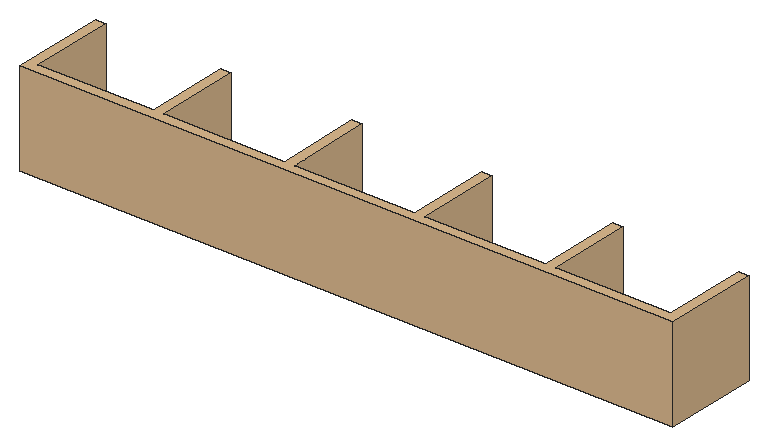
Revit family
Parameters (values of type "1180 x 170 x 170mm")
  URL = ""
  Type Comments = ""
  Model = ""
  Material = Wood - Birch
  Manufacturer = "Revit"
  Keynote = "N"
  Description = "Shelf"
  Cost = 0
  Assembly Code = "E2020200"
Reference planes
  plane 1 "Wall": y = 0
  plane 2 "Center (Left/Right)": x = -19.78
  plane 3 "Back": y = 75
  plane 4: x = -609.78
  plane 5: x = 570.22
  plane 6: y = 245
  plane 7: z = 1700
  plane 8: z = 1870
  plane 9: x = 334.22
  plane 10: x = 98.22
  plane 11: x = -137.78
  plane 12: x = -373.78
  plane 13: y = 93
Forms (mm)
  Extrusion 1, solid, material "Wood - Birch" <- "Material"
    sketch origin (0, 0, 0) x (1, 0, 0) y (0, 0, 1)
      loop
        line (570.22, 1700) -> (570.22, 1718) -> (-609.78, 1718) -> (-609.78, 1700) -> (570.22, 1700)
    from -245 to -93
  Extrusion 2, solid, material "Wood - Birch" <- "Material"
    sketch origin (0, 0, 0) x (1, 0, 0) y (0, 0, 1)
      loop
        line (570.22, 1870) -> (552.22, 1870) -> (552.22, 1718) -> (570.22, 1718) -> (570.22, 1870)
      loop
        line (343.22, 1870) -> (325.22, 1870) -> (325.22, 1718) -> (343.22, 1718) -> (343.22, 1870)
      loop
        line (107.22, 1870) -> (89.22, 1870) -> (89.22, 1718) -> (107.22, 1718) -> (107.22, 1870)
      loop
        line (-128.78, 1870) -> (-146.78, 1870) -> (-146.78, 1718) -> (-128.78, 1718) -> (-128.78, 1870)
      loop
        line (-364.78, 1870) -> (-382.78, 1870) -> (-382.78, 1718) -> (-364.78, 1718) -> (-364.78, 1870)
      loop
        line (-609.78, 1870) -> (-609.78, 1718) -> (-591.78, 1718) -> (-591.78, 1870) -> (-609.78, 1870)
    from -245 to -93
  Extrusion 3, solid, material "Wood - Birch" <- "Material"
    sketch origin (0, 0, 0) x (1, 0, 0) y (0, 0, 1)
      loop
        line (570.22, 1870) -> (-609.78, 1870) -> (-609.78, 1700) -> (570.22, 1700) -> (570.22, 1870)
    from -93 to -75
Cuts and joins
  joined: Extrusion 1, Extrusion 2, Extrusion 3
Lines and regions (mm)
  Masking region 1
    outline origin (0, 0, 0) x (1, 0, 0) y (0, 1, 0)
      loop
        line (-609.78, 245) -> (-609.78, 75) -> (570.22, 75) -> (570.22, 245) -> (-609.78, 245)
  symbolic lines
    curve 1: line (570.22, 245, 0) -> (-609.78, 245, 0)
    curve 2: line (-609.78, 245, 0) -> (-609.78, 75, 0)
    curve 3: line (-591.78, 93, 0) -> (-591.78, 245, 0)
    curve 4: line (552.22, 93, 0) -> (-591.78, 93, 0)
    curve 5: line (-382.78, 245, 0) -> (-382.78, 93, 0)
    curve 6: line (-364.78, 93, 0) -> (-364.78, 245, 0)
    curve 7: line (-146.78, 245, 0) -> (-146.78, 93, 0)
    curve 8: line (-128.78, 93, 0) -> (-128.78, 245, 0)
    curve 9: line (89.22, 245, 0) -> (89.22, 93, 0)
    curve 10: line (107.22, 93, 0) -> (107.22, 245, 0)
    curve 11: line (325.22, 245, 0) -> (325.22, 93, 0)
    curve 12: line (343.22, 93, 0) -> (343.22, 245, 0)
    curve 13: line (552.22, 245, 0) -> (552.22, 93, 0)
    curve 14: line (570.22, 75, 0) -> (570.22, 245, 0)
Text (mm)
  text "Placement side" at (-1848.837, 1116.779, 0), in view "Ref. Level"
  text "Placement side" at (0, 1409.804, 2854.306), in view "Left"
  text "Placement side" at (0, 499.811, 2980.732), in view "Right"
Dimensions and locks
  locked: plane 3 "Back" to host wall
  equal spacing: plane 4, plane 2 "Center (Left/Right)", plane 5
  locked: plane 4 to plane 5 at 1180
  locked: plane 3 "Back" to plane 6 at 170
  equal spacing: plane 4, plane 12, plane 11, plane 10, plane 9, plane 5
  locked: plane 3 "Back" to plane 13 at 18
  aligned and locked: Extrusion 1 sketch curve to plane 7
  aligned and locked: Extrusion 1 sketch curve to plane 4
  aligned and locked: Extrusion 1 to plane 6
  aligned and locked: plane 13 to Extrusion 1
  aligned and locked: Extrusion 2 sketch curve to plane 8
  aligned and locked: Extrusion 2 sketch curve to Extrusion 1
  aligned and locked: Extrusion 2 to plane 6
  aligned and locked: Extrusion 2 to Extrusion 1
  aligned and locked: Extrusion 3 sketch curve to Extrusion 2  (x2)
  aligned and locked: Extrusion 1 to Extrusion 3 sketch curve
  aligned and locked: Extrusion 3 sketch curve to Extrusion 1
  aligned and locked: Extrusion 3 to plane 13
  aligned and locked: plane 3 "Back" to Extrusion 3
  aligned and locked: Extrusion 2 to plane 8
  aligned and locked: curve 1 to cut or joined group of Extrusion 1, Extrusion 2, Extrusion 3
  aligned and locked: curve 2 to cut or joined group of Extrusion 1, Extrusion 2, Extrusion 3
  aligned and locked: curve 3 to cut or joined group of Extrusion 1, Extrusion 2, Extrusion 3
  aligned and locked: curve 4 to cut or joined group of Extrusion 1, Extrusion 2, Extrusion 3
  aligned and locked: curve 5 to cut or joined group of Extrusion 1, Extrusion 2, Extrusion 3
  aligned and locked: curve 6 to cut or joined group of Extrusion 1, Extrusion 2, Extrusion 3
  aligned and locked: curve 7 to cut or joined group of Extrusion 1, Extrusion 2, Extrusion 3
  aligned and locked: curve 8 to cut or joined group of Extrusion 1, Extrusion 2, Extrusion 3
  aligned and locked: curve 9 to cut or joined group of Extrusion 1, Extrusion 2, Extrusion 3
  aligned and locked: curve 10 to cut or joined group of Extrusion 1, Extrusion 2, Extrusion 3
  aligned and locked: curve 11 to cut or joined group of Extrusion 1, Extrusion 2, Extrusion 3
  aligned and locked: curve 12 to cut or joined group of Extrusion 1, Extrusion 2, Extrusion 3
  aligned and locked: curve 13 to cut or joined group of Extrusion 1, Extrusion 2, Extrusion 3
  aligned and locked: curve 14 to cut or joined group of Extrusion 1, Extrusion 2, Extrusion 3
  aligned: cut or joined group of Extrusion 1, Extrusion 2, Extrusion 3 to Masking region 1 sketch curve
  aligned: Masking region 1 sketch curve to cut or joined group of Extrusion 1, Extrusion 2, Extrusion 3  (x3)
